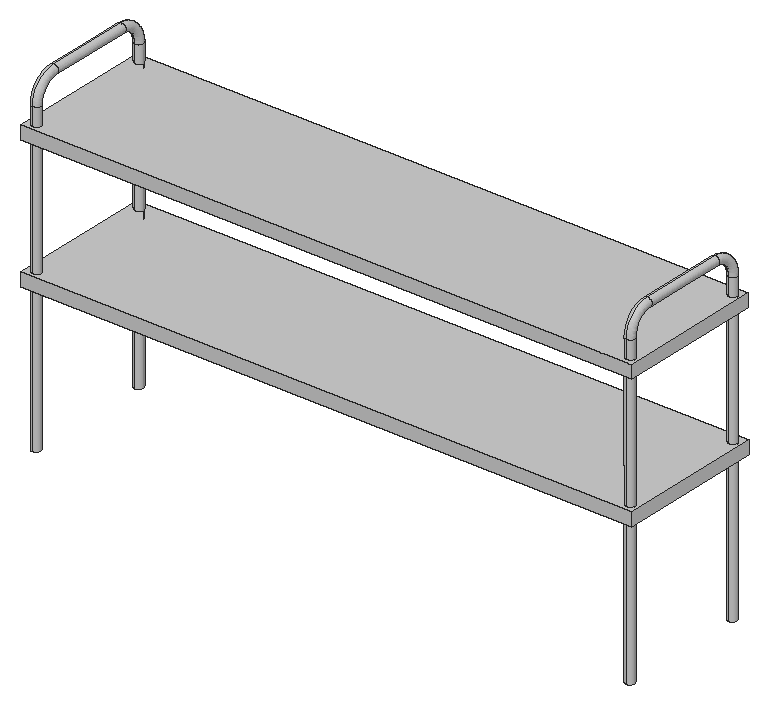
Revit family "QF_INOMAK_RD314_250610123710", category Specialty Equipment, Revit 2021
Family settings
  Round Connector Dimension = Use Diameter
  Part Type = Normal
  OmniClass Number = 23.40.40.14
  OmniClass Title = Food Service Equipment
  Work Plane-Based = No
  Always vertical = Yes
  Cut with Voids When Loaded = No
  Shared = No
  Room Calculation Point = No
Parameters (values of type "RD314")
  Weight [instance] = 14.00 kg
  Warranty Start Date [instance] = ""
  Warranty Duration [instance] = ""
  URL Recommended Spares List [instance] = ""
  URL Manufacturer [instance] = ""
  URL Cutsheet [instance] = ""
  URL Critical Spares List [instance] = ""
  URL = "www.inomak.com"
  Technical Documentation [instance] = ""
  Tag Number [instance] = ""
  Status [instance] = ""
  Specification by User [instance] = ""
  Specification by Manufacturer [instance] = ""
  Sound Level [instance] = ""
  Show Logo [instance] = yes
  Show Clearances [instance] = yes
  Service Life Duration [instance] = ""
  Serial Number [instance] = ""
  Seismic Rating [instance] = ""
  SMACNA No [instance] = ""
  Revision Code [instance] = ""
  Revision [instance] = ""
  Production Year [instance] = ""
  Point Load [instance] = 0
  Other Equipment Approvals [instance] = ""
  NAFEM Spec ID Number [instance] = ""
  Model Warning [instance] = ""
  Model = "RD314"
  Masterspec [instance] = ""
  Manufacturer = "INOMAK"
  Length Actual [instance] = 1392 mm
  Item Number [instance] = ""
  Installed By [instance] = ""
  Installation Date [instance] = ""
  Identify Quantity as Lot [instance] = no
  ID [instance] = ""
  Hygiene Approval [instance] = ""
  Height Actual [instance] = 763 mm
  Furnished By [instance] = ""
  Foodservice Equipment Identifier [instance] = no
  ETL Approved [instance] = no
  Description = "TOP FITTED DOUBLE SHELF"
  Depth Actual [instance] = 332 mm
  Default Elevation = 0 mm
  Cost = 0
  CSI MasterFormat [instance] = ""
  CE Approved [instance] = no
  Barcode [instance] = 0
  Author [instance] = ""
  Asset Identifier [instance] = ""
  Accessory [instance] = no
Reference planes
  plane 1 "Center (Front/Back)": y = 0
  plane 2: z = 0
  plane 3 "Center (Left/Right)": x = 0
Dimensions and locks
  aligned and locked: level to plane 2
Nested families
  nested 1: "QF_INOMAK_GANTRIES_DOUBLE_SHELF_2920" at (0, 0, 0), type "RD314"
    with Weight 14.00 kg, Warranty Start Date "", Warranty Duration "", URL Cutsheet "", Technical Documentation "", Tag Number "", Status "", Specification by User "", Specification by Manufacturer "", Sound Level "", Solid Fuel Type "", Show Logo yes, Show Clearances yes, Service Life Duration "", Serial Number "", Seismic Rating "", SMACNA No "", Revision Code "", Revision "", Production Year "", Point Load 0, Other Equipment Approvals "", NAFEM Spec ID Number "", Model Warning "", Masterspec "", Length Actual 1392 mm, Item Number "", Installed By "", Installation Date "", Identify Quantity as Lot yes, ID "", Hygiene Approval "", Height Actual 763 mm, Furnished By "", Foodservice Equipment Identifier yes, ETL Approved yes, Depth Actual 332 mm, CSI MasterFormat "", CE Approved yes, Barcode "", Author "", Asset Identifier "", Accessory no
Definition of nested family "QF_INOMAK_GANTRIES_DOUBLE_SHELF_2920"
  Parameters (values of type "RD314")
    Weight [instance] = 0.00 kg
    Warranty Start Date [instance] = ""
    Warranty Duration [instance] = ""
    URL Cutsheet [instance] = ""
    URL = "www.inomak.com"
    Technical Documentation [instance] = ""
    Tag Number [instance] = ""
    Status [instance] = ""
    Specification by User [instance] = ""
    Specification by Manufacturer [instance] = ""
    Sound Level [instance] = ""
    Solid Fuel Type [instance] = ""
    Show Logo [instance] = yes
    Show Clearances [instance] = yes
    Service Life Duration [instance] = ""
    Serial Number [instance] = ""
    Seismic Rating [instance] = ""
    SMACNA No [instance] = ""
    Revision Code [instance] = ""
    Revision [instance] = ""
    Production Year [instance] = ""
    Point Load [instance] = 0
    Other Equipment Approvals [instance] = ""
    NAFEM Spec ID Number [instance] = ""
    Model Warning [instance] = ""
    Model = "RD314"
    Masterspec [instance] = ""
    Manufacturer = "INOMAK"
    Length Actual [instance] = 1392 mm
    Item Number [instance] = ""
    Installed By [instance] = ""
    Installation Date [instance] = ""
    Identify Quantity as Lot [instance] = yes
    ID [instance] = ""
    Hygiene Approval [instance] = ""
    Height Actual [instance] = 763 mm
    Furnished By [instance] = ""
    Foodservice Equipment Identifier [instance] = yes
    ETL Approved [instance] = yes
    Description = "TOP FITTED DOUBLE SHELF"
    Depth Actual [instance] = 332 mm
    Default Elevation = 0 mm
    CSI MasterFormat [instance] = ""
    CE Approved [instance] = yes
    Barcode [instance] = ""
    Author [instance] = ""
    Asset Identifier [instance] = ""
    Assembly Code = "E1090320"
    Accessory [instance] = yes
  Types (5, lengths in mm): name | Model | Length Actual
    RD311 | "RD311" | 1092
    RD314 | "RD314" | 1392
    RD316 | "RD316" | 1592
    RD318 | "RD318" | 1792
    RD319 | "RD319" | 1892
  Reference planes
    plane 1 "Back": y = 0
    plane 2: z = 0
    plane 3 "Left": x = 0
    plane 4 "Right": x = 1392
    plane 5 "Front": y = -332
    plane 6 "Top": z = 763
    plane 7: z = 663
    plane 8: z = 363
  Forms (mm)
    Extrusion 1, solid
      sketch origin (0, 0, 663) x (0, 1, 0) y (-1, 0, 0)
        loop
          line (0, 0) -> (-332, 0) -> (-332, -1392) -> (0, -1392) -> (0, 0)
      from 0 to -30
    Sweep 2, solid
      path origin (0, 0, 0) x (0, 1, 0) y (0, 0, 1)
        loop
          line (-20, 0) -> (-20, 703)
          arc (-20, 703) -> (-34.645, 738.355) -> (-70, 753) r 50
          line (-70, 753) -> (-262, 753)
          arc (-262, 753) -> (-297.355, 738.355) -> (-312, 703) r 50
          line (-312, 703) -> (-312, 0)
      profile origin (0, -20, 351.5) x (0, -1, 0) y (1, 0, 0)
        loop
          circle (0, 20) r 10
    Sweep 3, solid
      path origin (1392, -1434.717, 4000) x (0, -1, 0) y (0, 0, 1)
        loop
          line (-1414.717, -4000) -> (-1414.717, -3297)
          arc (-1414.717, -3297) -> (-1400.073, -3261.645) -> (-1364.717, -3247) r 50
          line (-1364.717, -3247) -> (-1172.717, -3247)
          arc (-1172.717, -3247) -> (-1137.362, -3261.645) -> (-1122.717, -3297) r 50
          line (-1122.717, -3297) -> (-1122.717, -4000)
      profile origin (1392, -20, 351.5) x (0, 1, 0) y (-1, 0, 0)
        loop
          circle (0, 20) r 10
    Extrusion 4, solid
      sketch origin (0, 0, 363) x (0, 1, 0) y (-1, 0, 0)
        loop
          line (0, 0) -> (-332, 0) -> (-332, -1392) -> (0, -1392) -> (0, 0)
      from 0 to -30
  Lines and regions (mm)
    symbolic lines
      curve 1: line (0, 0, 0) -> (1392, 0, 0)
      curve 2: line (0, -332, 0) -> (0, 0, 0)
      curve 3: line (1392, -332, 0) -> (0, -332, 0)
      curve 4: line (1392, 0, 0) -> (1392, -332, 0)
      curve 5: arc (10, -20, 0) -> (20, -10, 0) -> (30, -20, 0) r 10
      curve 6: arc (10, -312, 0) -> (20, -322, 0) -> (30, -312, 0) r 10
      curve 7: line (30, -312, 0) -> (30, -20, 0)
      curve 8: line (10, -20, 0) -> (10, -312, 0)
      curve 9: arc (1382, -20, 0) -> (1372, -10, 0) -> (1362, -20, 0) r 10
      curve 10: arc (1382, -312, 0) -> (1372, -322, 0) -> (1362, -312, 0) r 10
      curve 11: line (1362, -312, 0) -> (1362, -20, 0)
      curve 12: line (1382, -20, 0) -> (1382, -312, 0)
  Dimensions and locks
    "Length Actual": plane 3 "Left" to plane 4 "Right"
    "Depth Actual": plane 5 "Front" to plane 1 "Back"
    "Height Actual": plane 6 "Top" to plane 2
    locked: plane 6 "Top" to plane 7 at 100
    locked: plane 7 to plane 8 at 300
    aligned and locked: level to plane 2
  Automatic sketch dimensions
    curve 3 to plane 3 "Left" = 0 mm
    curve 3 to plane 4 "Right" = 0 mm
    curve 3 to plane 5 "Front" = 0 mm
    plane 1 "Back" to curve 2 = 0 mm
    plane 3 "Left" to curve 8 = 10 mm
    curve 6 to curve 6 = 10 mm
    plane 4 "Right" to curve 11 = 30 mm
    curve 9 to curve 9 = 10 mm
    plane 5 "Front" to curve 11 = 20 mm
    plane 5 "Front" to curve 7 = 20 mm
    plane 1 "Back" to curve 7 = 20 mm
    plane 1 "Back" to curve 9 = 20 mm
    Extrusion 1 sketch curve to plane 3 "Left" = 0 mm
    Extrusion 1 sketch curve to plane 5 "Front" = 0 mm
    plane 1 "Back" to Extrusion 1 sketch curve = 0 mm
    Extrusion 1 sketch curve to plane 4 "Right" = 0 mm
    Sweep 2 sketch curve to level = 0 mm  (x2)
    plane 5 "Front" to Sweep 2 sketch curve = 20 mm
    Sweep 2 sketch curve to plane 6 "Top" = 10 mm
    plane 5 "Front" to Sweep 2 sketch curve = 70 mm
    plane 1 "Back" to Sweep 2 sketch curve = 70 mm
    plane 1 "Back" to Sweep 2 sketch curve = 20 mm
    Sweep 2 sketch curve to profile plane = 0 mm
    plane 3 "Left" to Sweep 2 sketch curve = 20 mm
    Sweep 3 sketch curve to level = 0 mm  (x2)
    plane 1 "Back" to Sweep 3 sketch curve = 20 mm
    plane 7 to Sweep 3 sketch curve = 40 mm
    Sweep 3 sketch curve to Sweep 3 sketch curve = 50 mm
    plane 5 "Front" to Sweep 3 sketch curve = 70 mm
    plane 5 "Front" to Sweep 3 sketch curve = 20 mm
    profile plane to Sweep 3 sketch curve = 0 mm
    plane 4 "Right" to Sweep 3 sketch curve = 20 mm
    Extrusion 4 sketch curve to plane 3 "Left" = 0 mm
    Extrusion 4 sketch curve to plane 5 "Front" = 0 mm
    plane 1 "Back" to Extrusion 4 sketch curve = 0 mm
    Extrusion 4 sketch curve to plane 4 "Right" = 0 mm
    radius of Sweep 2 sketch curve = 10 mm
    radius of Sweep 3 sketch curve = 10 mm
